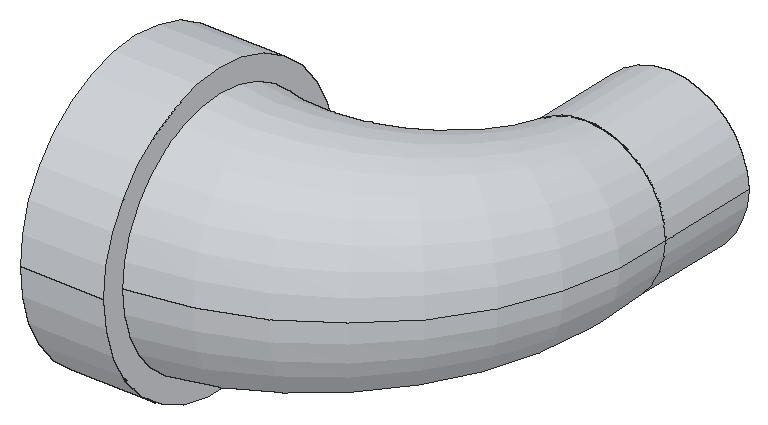
Revit family "M_Cotovelo macho fêmea - Rosqueado - MI - Classe 150", category Conexões de tubo, Revit 2019
Family settings
  Cota do conector redondo = Usar raio
  Tipo de parte = Cotovelo
  Número OmniClass = 23.60.30.11.14
  Título OmniClass = Pipework Fittings
  ID de item do Seek = Elbow Street - Threaded - MI - Class 150-0000-CAN-ENU
  Com base no plano de trabalho = Não
  Sempre na vertical = Sim
  Corte com vazios quando carregada = Não
  Compartilhado = Não
Parameters (values of type "Padrão")
  Tamanho da marca de revisão [instance] = Diâmetro externo da conexão 1 * 0.4  # 5.952 mm
  Espessura do Metal [instance] = size_lookup(Nome da tabela de pesquisa, "MThk", 0.04 * Diâmetro nominal + 2.183 mm, Diâmetro nominal)  # 2.29 mm
  Diâmetro da porta da extremidade macho [instance] = size_lookup(Nome da tabela de pesquisa, "MEPD", 0.95 * Diâmetro nominal - 1.687 mm, Diâmetro nominal)  # 5.1 mm
  Método de perda = Coeficiente K da tabela
  Nome da tabela de pesquisa = "M_Elbow Street - Threaded - MI - Class 150"
  Comprimento 5 [instance] = if(Comprimento 1 > Raio externo da conexão 1 * tan(Ângulo / 2), Comprimento 1, Raio externo da conexão 1 * tan(Ângulo / 2) + 0.794 mm)  # 12.4 mm
  Comprimento 4 [instance] = Comprimento 5 * sin(Ângulo)  # 12.4 mm
  Comprimento 3 [instance] = Comprimento 5 + Comprimento 5 * cos(Ângulo)  # 12.4 mm
  Comprimento 2 [instance] = if(Centro até extremidade macho - Comprimento da rosca externa - Comprimento 1 < 0.794 mm, 0.794 mm, Centro até extremidade macho - Comprimento da rosca externa - Comprimento 1)  # 6.3 mm
  Tabela de coeficiente K = "Cotovelo rosqueado comum de 45, 90 e 180"
  Raio externo da conexão 2 [instance] = Diâmetro externo da conexão 2 / 2  # 4.84 mm
  Raio externo da conexão 1 [instance] = Diâmetro externo da conexão 1 / 2  # 7.44 mm
  Diâmetro externo da conexão 2 [instance] = Diâmetro da porta da extremidade macho + Espessura do Metal * 2  # 9.68 mm
  Diâmetro externo da conexão 1 [instance] = Diâmetro interno da conexão + Espessura do Metal * 2  # 14.88 mm
  Comprimento 1 [instance] = Centro ao final - Largura da fita  # 12.4 mm
  Raio nominal [instance] = 3 mm
  Diâmetro nominal [instance] = Raio nominal * 2  # 6 mm
  Diâmetro interno da conexão [instance] = size_lookup(Nome da tabela de pesquisa, "FID", 1.08 * Diâmetro nominal + 5.159 mm, Diâmetro nominal)  # 10.3 mm
  Comprimento da rosca externa [instance] = size_lookup(Nome da tabela de pesquisa, "ETL", 0.22 * Diâmetro nominal + 9.723 mm, Diâmetro nominal)  # 6.7 mm
  Centro até extremidade macho 2 [instance] = size_lookup(Nome da tabela de pesquisa, "CtME2", 0.74 * Diâmetro nominal + 18.355 mm, Diâmetro nominal)  # 22.8 mm
  Centro até extremidade macho 1 [instance] = size_lookup(Nome da tabela de pesquisa, "CtME1", 1.21 * Diâmetro nominal + 21.828 mm, Diâmetro nominal)  # 25.4 mm
  Centro até extremidade macho [instance] = if(and(Ângulo > 0.00°, (not(Ângulo > 45.00°))), Centro até extremidade macho 2, Centro até extremidade macho 1)  # 25.4 mm
  Centro ao final 1 [instance] = size_lookup(Nome da tabela de pesquisa, "CtE1", 0.78 * Diâmetro nominal + 16.966 mm, Diâmetro nominal)  # 17.5 mm
  Centro ao final 2 [instance] = size_lookup(Nome da tabela de pesquisa, "CtE2", 0.5 * Diâmetro nominal + 15.28 mm, Diâmetro nominal)  # 18.4 mm
  Centro ao final [instance] = if(and(Ângulo > 0.00°, (not(Ângulo > 45.00°))), Centro ao final 2, Centro ao final 1)  # 17.5 mm
  Raio do centro [instance] = Comprimento 5 / tan(Ângulo / 2)  # 12.4 mm
  Largura da fita [instance] = size_lookup(Nome da tabela de pesquisa, "BWid", 0.12 * Diâmetro nominal + 4.465 mm, Diâmetro nominal)  # 5.1 mm
  Raio externo da fita [instance] = Diâmetro externo da fita / 2  # 8.8 mm
  Diâmetro externo da fita [instance] = size_lookup(Nome da tabela de pesquisa, "BOD", 1.24 * Diâmetro nominal + 12.402 mm, Diâmetro nominal)  # 17.6 mm
  Assembly Code = ""
  Ângulo [instance] = 90.00°
Reference planes
  plane 1 "Centro (Frente/Trás)": y = 0
  plane 2: z = 0
  plane 3 "Centro (Esquerda/Direita)": x = 0
  plane 4: x = -12.4
  plane 5: x = 0
  plane 6: y = 12.4
  plane 7: y = 12.4
  plane 8: x = -17.5
Forms (mm)
  SweptBlend 1, solid, detail levels fine
    path in 3D
      loop
        arc (-12.4, 0, 0) -> (-3.632, 3.632, 0) -> (0, 12.4, 0) r 12.4
    profile origin (-12.4, 0, 0) x (0, 1, 0) y (0, 0, 1)
      loop
        circle (0, 0) r 7.44
    end profile origin (0, 12.4, 0) x (-1, 0, 0) y (0, 0, 1)
      loop
        circle (0, 0) r 4.84
  Sweep 2, solid, detail levels fine
    path in 3D
      loop
        line (0, 12.4, 0) -> (0, 18.7, 0)
    profile origin (0, 15.55, 0) x (-1, 0, 0) y (0, 0, 1)
      loop
        circle (0, 0) r 4.84
  Sweep 3, solid, detail levels fine
    path in 3D
      loop
        line (-17.5, 0, 0) -> (-12.4, 0, 0)
    profile origin (-14.95, 0, 0) x (0, 1, 0) y (0, 0, 1)
      loop
        circle (0, 0) r 8.8
Cuts and joins
  joined: SweptBlend 1, Sweep 3
Lines and regions (mm)
  model lines, detail levels coarse+medium
    curve 1: arc (-12.4, 0, 0) -> (-3.632, 3.632, 0) -> (0, 12.4, 0) r 12.4
    curve 2: line (0, 12.4, 0) -> (0, 18.7, 0)
    curve 3: line (-17.5, 0, 0) -> (-12.4, 0, 0)
    curve 8: line (-17.5, 5.952, 0) -> (-17.5, 0, 0)
    curve 9: line (-17.5, -5.952, 0) -> (-17.5, 0, 0)
    curve 10: line (0, 18.7, 0) -> (5.952, 18.7, 0)
    curve 11: line (0, 18.7, 0) -> (-5.952, 18.7, 0)
  sketch lines
    curve 4: arc (-12.4, 0, 0) -> (-3.632, 3.632, 0) -> (0, 12.4, 0) r 12.4
    curve 5: line (0, 12.4, 0) -> (0, 18.7, 0)
    curve 6: line (-17.5, 0, 0) -> (-12.4, 0, 0)
  reference lines
    curve 7: line (-12.4, 0, 0) -> (-17.5, 0, 0)
Dimensions and locks
  "Comprimento 1": plane 4 to plane 3 "Centro (Esquerda/Direita)"
  "Comprimento 4": plane 1 "Centro (Frente/Trás)" to plane 6
  "Comprimento 3": plane 4 to plane 5
  "Raio do centro": plane 7 to plane 1 "Centro (Frente/Trás)"
  "Comprimento 2": curve 2 to curve 2
  "Largura da fita": plane 8 to plane 4
  "Tamanho da marca de revisão": curve 8 to curve 8
  "Tamanho da marca de revisão": curve 9 to curve 9
  "Tamanho da marca de revisão": curve 10 to curve 10
  "Tamanho da marca de revisão": curve 11 to curve 11
  "Raio externo da conexão 1": radius of SweptBlend 1 sketch curve
  "Raio externo da conexão 2": radius of SweptBlend 1 sketch curve
  "Raio externo da conexão 2": radius of Sweep 2 sketch curve
  "Raio externo da fita": radius of Sweep 3 sketch curve
  "Ângulo": angle curve 1 to curve 1
  "Ângulo": angle plane 6 to curve 2
  angle curve 10 to curve 2 = 90.00°
  angle curve 2 to curve 11 = 90.00°
  aligned and locked: plane 7 to curve 1
  aligned and locked: plane 4 to curve 1
  aligned and locked: plane 5 to curve 2
  aligned and locked: plane 8 to curve 3
  aligned and locked: plane 4 to curve 3
  aligned and locked: plane 8 to curve 7
  aligned and locked: curve 7 to plane 1 "Centro (Frente/Trás)"
  aligned and locked: plane 1 "Centro (Frente/Trás)" to curve 8
  aligned and locked: curve 8 to plane 8
  aligned and locked: plane 8 to curve 9
Automatic sketch dimensions
  SweptBlend 1 sketch curve to profile plane = 0 mm  (x4)
  Sweep 2 sketch curve to profile plane = 0 mm  (x2)
  Sweep 3 sketch curve to profile plane = 0 mm  (x2)
  curve 7 to plane 4 = 0 mm
Connectors
  piping at (-17.5, 0, 0), diameter 6, driven by "Raio nominal", driven by "Ângulo"
    settings: on cut or joined group of SweptBlend 1, Sweep 3, index 1, connector inside diameter 6 mm, connector length 0 mm, flow factor 0, pipe flow 0.0 L/s, pressure drop 0.0 Pa, fitting loss kfactor 0, connector angle 90.00°, fixture units 0, engagement length 0 mm, angle of deflection 0.00°, flow configuration 0, flow direction 0, fitting loss method 0, system type 28, joint type 0, gender type 0, connector reference index 2, connector utility 0, adjustable connector no, is connector primary yes, connector description ""
  piping at (0, 18.7, 0), diameter 6, driven by "Raio nominal", driven by "Ângulo"
    settings: on Sweep 2, index 2, connector inside diameter 6 mm, connector length 0 mm, flow factor 0, pipe flow 0.0 L/s, pressure drop 0.0 Pa, fitting loss kfactor 0, connector angle 90.00°, fixture units 0, engagement length 0 mm, angle of deflection 0.00°, flow configuration 0, flow direction 0, fitting loss method 0, system type 28, joint type 0, gender type 0, connector reference index 1, connector utility 0, adjustable connector no, is connector primary no, connector description ""
